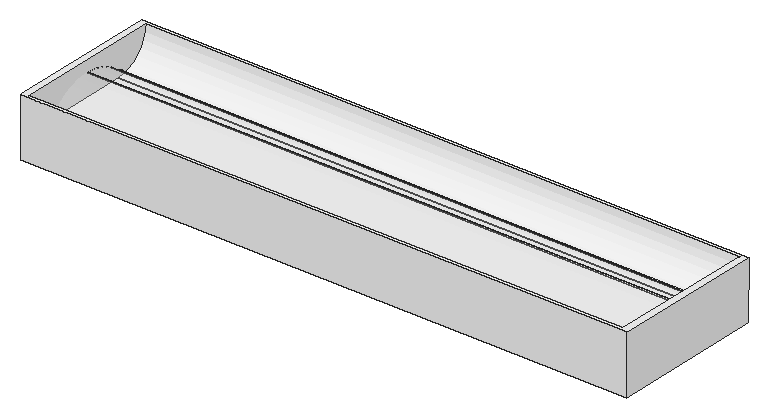
Revit family "TCAT14-SM", category Lighting Fixtures, host Face, Revit 2021
Family settings
  Host = Face
  Round Connector Dimension = Use Diameter
  Part Type = Normal
  OmniClass Number = 23.80.70.11
  OmniClass Title = Luminaries for Internal Lighting
  Cut with Voids When Loaded = No
  Light Source = No
  Shared = No
  Room Calculation Point = No
Parameters (values of type "TCAT14")
  zz Length = Row Length - 1.000"  # 47.000"
  Width = 12.000"
  Watts = 58 W
  Warranty = "Five-year warranty."  # constant formula
  Voltage = 120 V
  Wattage Comments = "21-58 W"  # constant formula
  URL = "https://www.currentlighting.com/columbia"
  Product Page URL = ""
  Product Documentation Link = ""
  Photometric Web = Web TCAT14 : TCAT14-30MWx-EDU
  Model = "TCAT14-SM"  # constant formula
  Manufacturer = "Columbia Lighting"  # constant formula
  Row Length = 48.000"
  Load Classification = Lighting
  Lamp = "LED Lamp"  # constant formula
  Light Bulb = White Glass
  Height = 4.625"
  Description = "1'x 4'LED Twin Contempory Architectural Troffer."  # constant formula
  Default Elevation = 48.000"
  Certifications = "UL1598, 2108 & CSA"  # constant formula
  Backbox = White
  Apparent Load = 0 VA
Reference planes (in)
  plane 1 "Center (Front/Back)": y = 0.03999
  plane 2: z = 0
  plane 3 "Center (Left/Right)": x = 1.66944
  plane 4: x = -22.33056
  plane 5: x = 25.66944
Dimensions and locks (in)
  equal spacing: plane 5, plane 3 "Center (Left/Right)", plane 4
  "Row Length": plane 5 to plane 4
  aligned and locked: plane 2 to host face
  aligned and locked: level to host face
  aligned and locked: plane 3 "Center (Left/Right)" to nested 1
  aligned and locked: plane 1 "Center (Front/Back)" to nested 1
  aligned and locked: nested 2 to plane 3 "Center (Left/Right)"
  aligned and locked: plane 1 "Center (Front/Back)" to nested 2
Automatic sketch dimensions
  host sketch curve to host sketch curve = 96.000"  (x2)
Nested families (in)
  nested 1: "LED Contemporary Architectural Troffer" at (1.66944, 0.03999, 0), Row Length <- "Row Length", Width <- "Width", Glass <- "Light Bulb", Finish <- "Backbox", Height <- "Height", type "LED Contemporary Architectural Troffer"
    with Width 12.000", Row Length 48.000", Height 4.625", Glass White Glass, Finish White
  nested 2: "Web TCAT14" at (1.62945, -0.19897, 2) x (0, -1, 0) z (0, 0, 1), type <- "Photometric Web", type "TCAT14-30MWx-EDU"
Connectors (in)
  electrical at (0, 0, 0), driven by "Voltage", driven by "Load Classification", driven by "Apparent Load"
    settings: on host face, index 1, voltage 120 V, apparent load 0 VA, apparent load phase1 0 VA, apparent load phase2 0 VA, apparent load phase3 0 VA, power factor 1, load classification "Lighting", number of poles 1, system type 30, power factor state 1, is connector primary yes, connector utility no, sub classification motor no, connector description "Lighting Connector"
Definition of nested family "LED Contemporary Architectural Troffer"
  Parameters
    Width [instance] = 24.000"
    Row Length [instance] = 24.000"
    Height [instance] = 4.625"
    Glass [instance] = none
    Finish [instance] = none
    Default Elevation = 48.000"
  Reference planes (in)
    plane 1 "Center (Front/Back)": y = 0
    plane 2: z = 0
    plane 3 "Center (Left/Right)": x = 0
    plane 4: x = 12
    plane 5: x = -12
    plane 6: y = -12
    plane 7: y = 12
    plane 8: z = 4.625
    plane 9: x = -11.5
    plane 10: x = 11.5
    plane 11: y = -3
    plane 12: y = 3
    plane 13: z = 2
    plane 14: y = -11.75
    plane 15: y = 11.75
    plane 16: z = 0.25
  Forms (in)
    Extrusion 1, solid
      sketch origin (0, 0, 0) x (1, 0, 0) y (0, 1, 0)
        loop
          line (-48, 48) -> (-48, -48) -> (48, -48) -> (48, 48) -> (-48, 48)
      from 0 to -12
    Extrusion 2, solid, material <- "Glass"
      sketch origin (0, 0, 0) x (0, 1, 0) y (0, 0, 1)
        loop
          arc (-3.0054, 2) -> (-3.2554, 2.25) -> (-3.0054, 2.5) r 0.25
          arc (-3.0054, 2.5) -> (-1.62233, 3.40315) -> (0, 3.71395) r 4.27102
          arc (0, 3.71395) -> (1.62233, 3.40315) -> (3.0054, 2.5) r 4.27102
          arc (3.0054, 2.5) -> (3.2554, 2.25) -> (3.0054, 2) r 0.25
          line (3.0054, 2) -> (3.0054, 1.89823)
          arc (3.0054, 1.89823) -> (3.35619, 2.24902) -> (3.0054, 2.59982) r 0.35079
          arc (3.0054, 2.59982) -> (1.6184, 3.48995) -> (0, 3.80122) r 4.35698
          arc (0, 3.80122) -> (-1.6184, 3.48995) -> (-3.0054, 2.59982) r 4.35698
          arc (-3.0054, 2.59982) -> (-3.35619, 2.24902) -> (-3.0054, 1.89823) r 0.35079
          line (-3.0054, 1.89823) -> (-3.0054, 2)
      from -11.5 to 11.5
    Extrusion 3, solid, material <- "Finish"
      sketch origin (0, 0, 0) x (0, 1, 0) y (0, 0, 1)
        loop
          line (-12, 4.625) -> (-12, 0) -> (12, 0) -> (12, 4.625) -> (-12, 4.625)
      from 11.5 to 12
    Extrusion 4, solid, material <- "Finish"
      sketch origin (0, 0, 0) x (0, 1, 0) y (0, 0, 1)
        loop
          line (12, 4.625) -> (-12, 4.625) -> (-12, 0) -> (12, 0) -> (12, 4.625)
      from -12 to -11.5
    Extrusion 5, solid, material <- "Finish"
      sketch origin (0, 0, 0) x (0, 1, 0) y (0, 0, 1)
        loop
          line (-12, 0) -> (12, 0) -> (12, 4.625) -> (11.75, 4.625) -> (11.75, 0.25) -> (-11.75, 0.25) -> (-11.75, 4.625) -> (-12, 4.625) -> (-12, 0)
      from -11.5 to 11.5
    Extrusion 6, solid, material <- "Finish"
      sketch origin (0, 0, 0) x (0, 1, 0) y (0, 0, 1)
        loop
          arc (-3, 2) -> (-7.56763, 2.67039) -> (-11.75, 4.625) r 15.89583
          line (-11.75, 4.625) -> (-11.75, 0.25) -> (11.75, 0.25) -> (11.75, 4.625)
          arc (11.75, 4.625) -> (7.56763, 2.67039) -> (3, 2) r 15.89583
          line (3, 2) -> (-3, 2)
      from -12 to 12
  Cuts and joins
    joined: Extrusion 3, Extrusion 4, Extrusion 5, Extrusion 6
  Dimensions and locks (in)
    equal spacing: plane 4, plane 3 "Center (Left/Right)", plane 5
    "Row Length": plane 4 to plane 5
    equal spacing: plane 6, plane 1 "Center (Front/Back)", plane 7
    "Width": plane 6 to plane 7
    "Height": plane 8 to plane 2
    equal spacing: plane 10, plane 3 "Center (Left/Right)", plane 9
    locked: plane 9 to plane 5 at 0.5
    equal spacing: plane 11, plane 1 "Center (Front/Back)", plane 12
    locked: plane 11 to plane 1 "Center (Front/Back)" at 3
    locked: plane 6 to plane 14 at 0.25
    equal spacing: plane 14, plane 1 "Center (Front/Back)", plane 15
    locked: plane 16 to level at 0.25
    level to Extrusion 5 = 4.625"
    aligned and locked: plane 2 to Extrusion 1
    aligned and locked: level to Extrusion 1
    aligned and locked: Extrusion 2 to plane 10
    aligned and locked: Extrusion 2 to plane 9
    aligned and locked: plane 8 to Extrusion 3 sketch curve
    aligned and locked: plane 6 to Extrusion 3 sketch curve
    aligned and locked: level to Extrusion 3 sketch curve
    aligned and locked: Extrusion 3 sketch curve to plane 7
    aligned and locked: plane 4 to Extrusion 3
    aligned and locked: plane 10 to Extrusion 3
    aligned and locked: Extrusion 4 sketch curve to Extrusion 3  (x4)
    aligned and locked: Extrusion 4 to plane 5
    aligned and locked: plane 9 to Extrusion 4
    aligned and locked: Extrusion 5 sketch curve to Extrusion 3  (x4)
    aligned and locked: plane 8 to Extrusion 5 sketch curve
    aligned and locked: Extrusion 5 sketch curve to plane 14
    aligned and locked: plane 16 to Extrusion 5 sketch curve
    aligned and locked: Extrusion 5 sketch curve to plane 15
    aligned and locked: Extrusion 5 to plane 10
    aligned and locked: Extrusion 5 to plane 9
    aligned and locked: plane 13 to Extrusion 6 sketch curve
    aligned and locked: plane 12 to Extrusion 6 sketch curve
    aligned and locked: plane 11 to Extrusion 6 sketch curve
    aligned and locked: Extrusion 6 sketch curve to plane 14
    aligned and locked: plane 16 to Extrusion 6 sketch curve
    aligned and locked: Extrusion 6 sketch curve to plane 15
    aligned and locked: plane 4 to Extrusion 6
    aligned and locked: Extrusion 6 to plane 5
  Automatic sketch dimensions
    Extrusion 1 sketch curve to Extrusion 1 sketch curve = 96.000"  (x2)
    plane 13 to Extrusion 2 sketch curve = 0.000"  (x2)
    Extrusion 2 sketch curve to plane 1 "Center (Front/Back)" = 0.000"  (x2)
    plane 1 "Center (Front/Back)" to Extrusion 2 sketch curve = 0.00113"
    Extrusion 2 sketch curve to Extrusion 2 sketch curve = 0.0216"  (x2)
    Extrusion 2 sketch curve to plane 11 = 0.0054"
    Extrusion 2 sketch curve to plane 1 "Center (Front/Back)" = 0.00113"
    Extrusion 2 sketch curve to plane 12 = 0.0054"
    plane 13 to Extrusion 2 sketch curve = 0.10177"  (x2)
    Extrusion 2 sketch curve to level = 0.55575"
    Extrusion 2 sketch curve to Extrusion 2 sketch curve = 0.000"
    Extrusion 2 sketch curve to Extrusion 2 sketch curve = 0.00126"  (x2)
    Extrusion 2 sketch curve to Extrusion 2 sketch curve = 0.24902"
    Extrusion 2 sketch curve to Extrusion 2 sketch curve = 0.00098"
    plane 8 to Extrusion 6 sketch curve = 0.000"  (x2)
Definition of nested family "Web TCAT14"
  Parameters
    Wattage Comments = ""
    Wattage = 44 W
    built-in parameter 1150110 = 1 (stored number, unit not read)
    URL = ""
    built-in parameter 1114217 = 1 (stored number, unit not read)
    Tilt Angle = 90.00°
    built-in parameter 1150109 = 1 (stored number, unit not read)
    built-in parameter 1150134 = 2
    built-in parameter 1150113 = 1 (stored number, unit not read)
    Product Page URL = ""
    Product Documentation Link = ""
    Photometric Web File = "TCAT14-50XWx-EDU.ies"
    Model = ""
    Manufacturer Phone = ""
    Manufacturer Fax = ""
    Manufacturer = ""
    built-in parameter 1150105 = 343.14 (stored number, unit not read)
    Lumens = 4312 lm
    built-in parameter 1150115 = 1 (stored number, unit not read)
    built-in parameter 1150137 = (empty or 0)
    built-in parameter 1150139 = (empty or 0)
    built-in parameter 1150112 = 1 (stored number, unit not read)
    built-in parameter 1150114 = 1 (stored number, unit not read)
    Lamp = ""
    built-in parameter 1150132 = (empty or 0)
    built-in parameter 1150102 = (empty or 0)
    built-in parameter 1150107 = 5000 (stored number, unit not read)
    built-in parameter 1150138 = (empty or 0)
    built-in parameter 1150106 = 3.4314 (stored number, unit not read)
    Emit from Rectangle Width = 6.000"
    Emit from Rectangle Length = 47.000"
    Emit Shape Visible in Rendering = no
    built-in parameter 1150104 = 9.1045 (stored number, unit not read)
    Dimming Lamp Color Temperature Shift = (empty or 0)
    Description = ""
    Default Elevation = 48.000"
    Color Filter = 16777215
    built-in parameter 1114218 = 1 (stored number, unit not read)
    built-in parameter 1150133 = 10 (stored number, unit not read)
  Reference planes (in)
    plane 1 "Center (Front/Back)": y = 0.03999
    plane 2: z = 0
    plane 3 "Center (Left/Right)": x = -0.23896
  Forms (in)
    Extrusion 1, solid
      sketch origin (0, 0, 0.06357) x (1, 0, 0) y (0, 1, 0)
        loop
          line (-48, 48) -> (-48, -48) -> (48, -48) -> (48, 48) -> (-48, 48)
      from -0.06357 to -6.74357
  Lines and regions (in)
    reference lines
      curve 1: line (-0.23896, 0.03999, 18.11448) -> (-0.23896, 0.03999, -22.88552)
      curve 2: line (-0.23896, 0.03999, 34) -> (-0.23896, 0.03999, -22.88552)
  Dimensions and locks (in)
    aligned and locked: plane 2 to Extrusion 1
    aligned and locked: level to Extrusion 1
    aligned and locked: curve 1 to plane 3 "Center (Left/Right)"
    aligned and locked: plane 1 "Center (Front/Back)" to curve 2
    aligned and locked: imposter light to plane 1 "Center (Front/Back)"
    aligned and locked: imposter light to level
    aligned and locked: plane 3 "Center (Left/Right)" to imposter light
